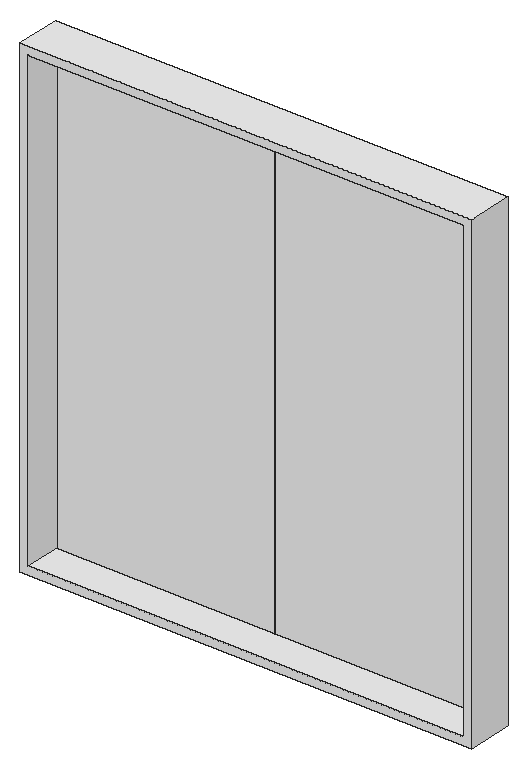
Revit family
Parameters (values of type "2000X2100 mm")
  프레임 = "45x120(1.2mm 철판가공위 O.P 2회)"
  철물 = "피봇힌지 2조, 실린더 2조, 기타 일식"
  Assembly Code = ""
  유리/마감 = "1.2mm 철판가공위 조명 단위 O.P 2회"
  위치/개소 = "지하 계단실 - 2개소"
  부호 = "1/FSD"
  문 틀 = 문 틀
  문번호 = "1"
  문기호 = "FSD"
  문 = 문
  Height = 2100 mm
  Wall Closure = (empty or 0)
  Width = 2000 mm
Reference planes
  plane 1: y = 0
  plane 2 "중심(왼쪽/오른쪽)": x = 0
  plane 3 "왼쪽": x = -1000
  plane 4 "오른쪽": x = 1000
  plane 5: z = 2100
  plane 6 "외부": y = 100
  plane 7 "내부": y = -100
  plane 8: y = 60
  plane 9: x = -980
  plane 10: x = 980
  plane 11: x = -965
  plane 12: x = 965
  plane 13: y = 30
  plane 14: z = 2080
  plane 15: z = 2065
  plane 16: z = 20
  plane 17: z = 35
  plane 18: z = 2400
  plane 19: x = -1200
  plane 20: x = 1200
  plane 21: z = -300
  plane 22: z = 1000
  plane 23: x = -75
  plane 24: x = 75
Forms (mm)
  Sweep 1, solid, material "문 틀" <- "문 틀"
    path origin (0, 100, 0) x (1, 0, 0) y (0, 0, 1)
      loop
        line (1000, 0) -> (1000, 2100) -> (-1000, 2100) -> (-1000, 0) -> (1000, 0)
    profile origin (1000, 100, 1050) x (-1, 0, 0) y (0, -1, 0)
      loop
        line (0, 0) -> (20, 0) -> (20, 40) -> (35, 40) -> (35, 200) -> (0, 200) -> (0, 0)
  Extrusion 2, solid, material "문" <- "문"
    sketch origin (0, 0, 0) x (1, 0, 0) y (0, 1, 0)
      loop
        line (-980, 60) -> (0, 60) -> (0, 100) -> (-980, 100) -> (-980, 60)
    from 20 to 2080
  Extrusion 3, solid, material "문" <- "문"
    sketch origin (880, 0, 0) x (1, 0, 0) y (0, 1, 0)
      loop
        line (-880, 60) -> (100, 60) -> (100, 100) -> (-880, 100) -> (-880, 60)
    from 20 to 2080
Lines and regions (mm)
  Opening 1
    outline origin (-3050, -100, 0) x (1, 0, 0) y (0, 0, 1)
      loop
        line (2050, 0) -> (4050, 0) -> (4050, 2100) -> (2050, 2100) -> (2050, 0)
  symbolic lines, style "DoorsPanelProjection"
    curve 1: line (-980, 1080.083, 0) -> (-940, 1080.083, 0)
    curve 3: line (930, 1080.097, 0) -> (980, 1080.097, 0)
    curve 6: line (-980, 100, 0) -> (-980, 1080.083, 0)
    curve 7: line (-940, 1080.083, 0) -> (-940, 100, 0)
    curve 8: line (930, 100, 0) -> (930, 1080.097, 0)
    curve 9: line (980, 1080.097, 0) -> (980, 100, 0)
    curve 13: circle (-75, 100, 1000) r 25 normal (0, 1, 0)
    curve 14: circle (75, 100, 1000) r 25 normal (0, 1, 0)
    curve 15: line (75, 100, 1065) -> (75, 100, 935)
    curve 16: line (140, 100, 1000) -> (10, 100, 1000)
    curve 17: line (-75, 100, 1065) -> (-75, 100, 935)
    curve 18: line (-10, 100, 1000) -> (-140, 100, 1000)
    curve 31: line (-1000, 100, 0) -> (-980, 100, 0)
    curve 32: line (-1000, -100, 0) -> (-1000, 100, 0)
    curve 33: line (-980, -100, 0) -> (-1000, -100, 0)
    curve 34: line (-980, 100, 0) -> (-980, -100, 0)
  symbolic lines, style "평면 스윙"
    curve 2: arc (0, 100, 0) -> (-268.422, 783.375, 0) -> (-940, 1080.083, 0) r 964.987
    curve 10: arc (930, 1080.097, 0) -> (274.026, 771.261, 0) -> (0, 100, 0) r 998.383
  symbolic lines, style "입면도 스윙"
    curve 4: line (0, 100, 2080) -> (980, 100, 1040)
    curve 5: line (980, 100, 1040) -> (0, 100, 20)
    curve 11: line (0, -100, 20) -> (-980, -100, 1040)
    curve 12: line (-980, -100, 1040) -> (0, -100, 2080)
  symbolic lines, style "DoorsOpeningProjection"
    curve 19: line (995, 100, 5) -> (995, 100, 2095)
    curve 20: line (1200, 100, 2100) -> (-1200, 100, 2100)
    curve 21: line (-1005, 100, -5) -> (-1005, 100, 2105)
    curve 22: line (1200, 100, 0) -> (-1200, 100, 0)
    curve 23: line (1000, 100, -300) -> (1000, 100, 2400)
    curve 24: line (1005, 100, -5) -> (1005, 100, 2105)
    curve 25: line (1005, 100, 2105) -> (-1005, 100, 2105)
    curve 26: line (995, 100, 2095) -> (-995, 100, 2095)
    curve 27: line (995, 100, 5) -> (-995, 100, 5)
    curve 28: line (1005, 100, -5) -> (-1005, 100, -5)
    curve 29: line (-1000, 100, -300) -> (-1000, 100, 2400)
    curve 30: line (-995, 100, 5) -> (-995, 100, 2095)
    curve 35: line (980, 100, 0) -> (1000, 100, 0)
    curve 36: line (980, -100, 0) -> (980, 100, 0)
    curve 37: line (1000, -100, 0) -> (980, -100, 0)
    curve 38: line (1000, 100, 0) -> (1000, -100, 0)
  symbolic lines
    curve 39: line (-980, 100, 0) -> (980, 100, 0)
Text (mm)
  text "외부" at (-2295.016, 1099.543, 0), in view "참조 레벨"
  text "외부" at (0, 1615.38, 3698.081), in view "왼쪽"
  text "외부" at (0, 1036.032, 3874.932), in view "오른쪽"
Dimensions and locks
  equal spacing: plane 3 "왼쪽", plane 2 "중심(왼쪽/오른쪽)", plane 4 "오른쪽"
  "Width": plane 3 "왼쪽" to plane 4 "오른쪽"
  "Height": plane 5 to host wall
  host wall to plane 5 = 2100 mm  (x2)
  locked: plane 6 "외부" to host wall at 0
  locked: plane 7 "내부" to host wall
  locked: plane 3 "왼쪽" to plane 9 at 20
  locked: plane 9 to plane 11 at 15
  locked: plane 10 to plane 4 "오른쪽" at 20
  locked: plane 12 to plane 10 at 15
  locked: plane 14 to plane 5 at 20
  locked: plane 15 to plane 14 at 15
  locked: plane 8 to plane 6 "외부" at 40
  locked: plane 13 to plane 8 at 30
  locked: level to plane 16 at 20
  locked: plane 16 to plane 17 at 15
  plane 24 to Extrusion 3 to plane 23 = 75 mm locked, 75 mm locked
  locked: level to plane 22 at 1000
  curve 28 to curve 22 to curve 27 = 5 mm locked, 5 mm locked
  curve 21 to curve 29 to curve 30 = 5 mm locked, 5 mm locked
  curve 19 to curve 23 to curve 24 = 5 mm locked, 5 mm locked
  curve 26 to curve 20 to curve 25 = 5 mm locked, 5 mm locked
  locked: plane 9 to curve 7 at 40
  locked: curve 8 to plane 10 at 50
  aligned and locked: plane 3 "왼쪽" to Opening 1 sketch curve
  aligned and locked: plane 5 to Opening 1 sketch curve  (x2)
  aligned and locked: Opening 1 sketch curve to plane 4 "오른쪽"
  aligned and locked: Opening 1 sketch curve to level
  aligned and locked: plane 1 to host wall
  aligned and locked: Sweep 1 sketch curve to host wall
  aligned and locked: Extrusion 2 sketch curve to Sweep 1  (x2)
  aligned and locked: plane 6 "외부" to Extrusion 2 sketch curve
  aligned and locked: plane 2 "중심(왼쪽/오른쪽)" to Extrusion 2 sketch curve
  aligned and locked: Extrusion 2 to plane 14
  aligned and locked: plane 14 to Sweep 1
  aligned and locked: Extrusion 3 to plane 14
  aligned and locked: plane 15 to Sweep 1
  aligned and locked: host wall to Sweep 1 sketch curve
  aligned and locked: plane 8 to Extrusion 2
  aligned and locked: curve 9 to plane 10
  aligned and locked: curve 12 to Extrusion 2
  aligned and locked: Extrusion 3 to plane 16
  aligned and locked: Extrusion 3 to Extrusion 2
  aligned and locked: curve 11 to Extrusion 2
  aligned and locked: curve 5 to Extrusion 2
  aligned and locked: Sweep 1 sketch curve to level
  aligned and locked: curve 16 to plane 22
  aligned and locked: plane 5 to curve 20
  aligned and locked: curve 22 to level
  aligned and locked: curve 23 to Sweep 1
  aligned and locked: curve 29 to Sweep 1
  aligned and locked: plane 6 "외부" to curve 31
  aligned and locked: curve 32 to plane 3 "왼쪽"
  aligned and locked: plane 9 to curve 34
  aligned and locked: curve 33 to plane 7 "내부"
  aligned and locked: plane 6 "외부" to curve 35
  aligned and locked: plane 4 "오른쪽" to curve 38
  aligned and locked: curve 37 to plane 7 "내부"
  aligned and locked: curve 36 to plane 10
  aligned and locked: plane 10 to curve 39
  aligned and locked: plane 6 "외부" to curve 39
Automatic sketch dimensions
  Sweep 1 sketch curve to plane 4 "오른쪽" = 0 mm
  Sweep 1 sketch curve to plane 5 = 0 mm
  Sweep 1 sketch curve to plane 6 "외부" = 0 mm
  Sweep 1 sketch curve to profile plane = 0 mm
  Sweep 1 sketch curve to Sweep 1 sketch curve = 20 mm
  Sweep 1 sketch curve to Sweep 1 sketch curve = 35 mm
  plane 6 "외부" to Sweep 1 sketch curve = 40 mm
  Extrusion 3 sketch curve to host wall = 0 mm
  Extrusion 3 sketch curve to plane 2 "중심(왼쪽/오른쪽)" = 0 mm
  Extrusion 3 sketch curve to plane 10 = 0 mm
  Extrusion 3 sketch curve to plane 8 = 0 mm
  curve 4 to plane 2 "중심(왼쪽/오른쪽)" = 0 mm
  curve 5 to plane 10 = 0 mm
  curve 5 to plane 16 = 0 mm
  curve 4 to plane 14 = 0 mm
  plane 22 to curve 5 = 40 mm
  curve 11 to plane 9 = 0 mm
  curve 11 to plane 16 = 0 mm
  curve 12 to plane 14 = 0 mm
  plane 22 to curve 12 = 40 mm
  curve 20 to plane 20 = 0 mm
  curve 22 to plane 20 = 0 mm
  curve 15 to plane 24 = 0 mm
  curve 14 to plane 22 = 0 mm
  curve 14 to plane 24 = 0 mm
  curve 18 to plane 22 = 0 mm
  curve 17 to plane 23 = 0 mm
  curve 13 to plane 22 = 0 mm
  curve 13 to plane 23 = 0 mm
  curve 20 to plane 19 = 0 mm
  curve 22 to plane 19 = 0 mm
  curve 23 to plane 21 = 0 mm
  curve 29 to plane 21 = 0 mm
  curve 23 to plane 18 = 0 mm
  curve 29 to plane 18 = 0 mm
  plane 24 to curve 16 = 65 mm
  plane 2 "중심(왼쪽/오른쪽)" to curve 16 = 10 mm
  curve 18 to plane 2 "중심(왼쪽/오른쪽)" = 10 mm
  curve 13 to curve 18 = 65 mm
  curve 17 to plane 22 = 65 mm
  curve 15 to plane 22 = 65 mm
  curve 14 to curve 15 = 65 mm
  curve 13 to curve 17 = 65 mm
  curve 10 to host wall = 0 mm
  curve 10 to plane 2 "중심(왼쪽/오른쪽)" = 0 mm
  curve 2 to plane 11 = 0.136 mm
  plane 4 "오른쪽" to curve 10 = 1.744 mm
  curve 10 to host wall = 15.95 mm
  radius of curve 13 = 25 mm
  radius of curve 14 = 25 mm
